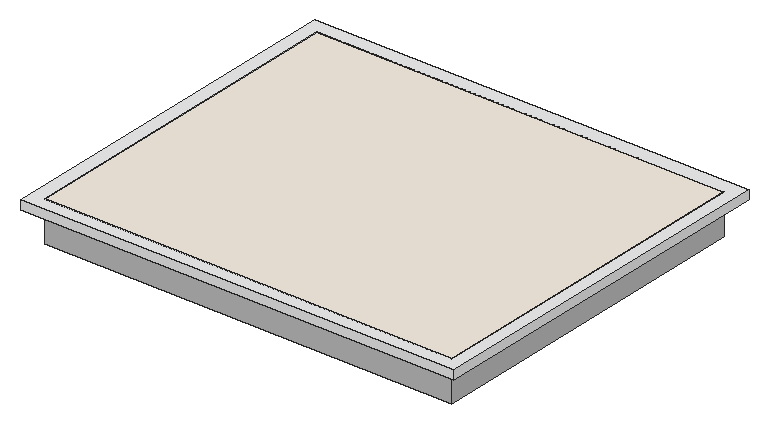
Revit family "Lighting-Industriale-GEWISS-ELIA-HL-LED_RIFLETTORE", category Apparecchi per illuminazione, host Superficie, Revit 2019 (continued)
Types (12, lengths in mm): name | Tensione | Scheda Tecnica | Potenza di sistema | Peso (kg): | Peso (kg) | Ottica | built-in parameter 1150142 | Lumen output (lm) | Modello | IDT | File diagramma fotometrico | Description
  GWF1000MH840 - ELIA HL M2 60° 4000K S.ALONE ON/OFF | "100-240 V " | "https://www.gewiss.com/it/it/search?q=GWF1000MH840" | "120W" | "3,9" | "3,9" | "60°" | "IESNA:LM-63-1995\r\n[TEST] HB25-120-4080-60D-H00111\r\n[DATE] 27 Nov 2019\r\n[MANUFAC] GEWISS\r\n[LUMCAT] GWF1000MH840\r\n[LUMINAIRE] ELIA HL - M2 60° LED840 120W\r\n[FLASHAREA] 0.013851\r\n[LAMPCAT] LED 120W/16900lm\r\n[LAMP] LED 120W/16900lm\r\nTILT=NONE\r\n1 16900.00 1.0 181 37 1 2 -0.270 0.000 0.000\r\n1.00 1.00 120.00\r\n0.00 0.50 1.00 1.50 2.00 2.50 3.00 3.50 4.00 4.50 5.00 \r\n5.50 6.00 6.50 7.00 7.50 8.00 8.50 9.00 9.50 10.00 10.50 \r\n11.00 11.50 12.00 12.50 13.00 13.50 14.00 14.50 15.00 \r\n15.50 16.00 16.50 17.00 17.50 18.00 18.50 19.00 19.50 \r\n20.00 20.50 21.00 21.50 22.00 22.50 23.00 23.50 24.00 \r\n24.50 25.00 25.50 26.00 26.50 27.00 27.50 28.00 28.50 \r\n29.00 29.50 30.00 30.50 31.00 31.50 32.00 32.50 33.00 \r\n33.50 34.00 34.50 35.00 35.50 36.00 36.50 37.00 37.50 \r\n38.00 38.50 39.00 39.50 40.00 40.50 41.00 41.50 42.00 \r\n42.50 43.00 43.50 44.00 44.50 45.00 45.50 46.00 46.50 \r\n47.00 47.50 48.00 48.50 49.00 49.50 50.00 50.50 51.00 \r\n51.50 52.00 52.50 53.00 53.50 54.00 54.50 55.00 55.50 \r\n56.00 56.50 57.00 57.50 58.00 58.50 59.00 59.50 60.00 \r\n60.50 61.00 61.50 62.00 62.50 63.00 63.50 64.00 64.50 \r\n65.00 65.50 66.00 66.50 67.00 67.50 68.00 68.50 69.00 \r\n69.50 70.00 70.50 71.00 71.50 72.00 72.50 73.00 73.50 \r\n74.00 74.50 75.00 75.50 76.00 76.50 77.00 77.50 78.00 \r\n78.50 79.00 79.50 80.00 80.50 81.00 81.50 82.00 82.50 \r\n83.00 83.50 84.00 84.50 85.00 85.50 86.00 86.50 87.00 \r\n87.50 88.00 88.50 89.00 89.50 90.00 \r\n0.00 2.50 5.00 7.50 10.00 12.50 15.00 17.50 20.00 22.50 \r\n25.00 27.50 30.00 32.50 35.00 37.50 40.00 42.50 45.00 \r\n47.50 50.00 52.50 55.00 57.50 60.00 62.50 65.00 67.50 \r\n70.00 72.50 75.00 77.50 80.00 82.50 85.00 87.50 90.00 \r\n12448.54 12448.54 12443.47 12435.02 12421.50 12404.60 \r\n12387.70 12369.11 12347.14 12323.48 12298.13 12271.09 \r\n12240.67 12208.56 12171.38 12132.51 12088.57 12042.94 \r\n11995.62 11944.92 11892.53 11838.45 11780.99 11723.53 \r\n11664.38 11603.54 11541.01 11475.10 11407.50 11336.52 \r\n11262.16 11184.42 11103.30 11022.18 10939.37 10854.87 \r\n10768.68 10680.80 10591.23 10503.35 10412.09 10317.45 \r\n10217.74 10112.96 10003.11 9888.19 9768.20 9641.45 \r\n9513.01 9382.88 9249.37 9109.10 8965.45 8820.11 8668.01 \r\n8500.70 8323.25 8135.66 7943.00 7750.34 7555.99 7359.95 \r\n7165.60 6974.63 6790.42 6612.97 6440.59 6273.28 6109.35 \r\n5948.80 5788.25 5629.39 5470.53 5311.67 5156.19 5004.09 \r\n4855.37 4706.65 4561.31 4419.35 4282.46 4148.95 4020.51 \r\n3895.45 3773.77 3648.71 3523.65 3401.97 3285.36 3172.13 \r\n3062.28 2957.50 2856.10 2758.08 2660.06 2562.04 2465.71 \r\n2374.45 2286.57 2197.00 2112.50 2033.07 1958.71 1887.73 \r\n1818.44 1754.22 1691.69 1628.65 1566.80 1509.85 1455.26 \r\n1401.18 1348.28 1295.72 1244.68 1196.52 1150.21 1105.09 \r\n1062.16 1023.29 986.11 947.75 910.57 877.28 845.51 814.24 \r\n783.65 753.23 724.33 699.32 675.15 648.62 622.43 599.11 \r\n576.97 554.83 534.04 516.80 500.41 482.66 464.24 444.64 \r\n424.70 405.09 386.84 371.29 357.60 345.10 332.93 318.56 \r\n304.03 290.51 278.00 266.51 256.03 246.91 239.64 235.42 \r\n231.70 226.46 219.02 207.53 194.69 182.35 170.01 157.63 \r\n144.65 130.32 115.21 99.57 83.67 67.36 52.15 39.73 29.27 \r\n20.42 13.37 8.39 5.11 3.23 2.85 \r\n12448.54 12448.54 12443.47 12435.02 12422.34 12405.44 \r\n12387.70 12368.26 12347.98 12324.32 12298.13 12271.09 \r\n12240.67 12206.87 12170.53 12129.97 12086.88 12042.09 \r\n11993.93 11943.23 11892.53 11837.60 11781.83 11724.37 \r\n11666.91 11606.07 11541.85 11475.94 11408.34 11337.36 \r\n11263.00 11184.42 11104.14 11023.02 10940.22 10855.72 \r\n10769.52 10681.64 10592.92 10504.19 10412.93 10318.29 \r\n10219.43 10115.49 10005.64 9889.03 9768.20 9642.29 \r\n9513.01 9382.88 9249.37 9109.94 8967.14 8821.80 8668.85 \r\n8502.39 8324.94 8138.19 7946.38 7752.03 7558.52 7363.33 \r\n7171.51 6982.23 6798.02 6619.73 6448.19 6278.35 6113.57 \r\n5952.18 5791.63 5631.08 5472.22 5313.36 5156.19 5004.09 \r\n4854.52 4708.34 4563.85 4423.57 4286.68 4153.17 4023.89 \r\n3898.83 3776.30 3651.24 3527.03 3404.50 3285.36 3171.28 \r\n3060.59 2954.96 2851.87 2752.16 2654.99 2556.13 2459.80 \r\n2368.53 2279.81 2191.09 2106.59 2028.84 1954.48 1882.66 \r\n1815.06 1749.99 1687.63 1624.43 1563.08 1506.04 1451.37 \r\n1397.63 1344.90 1292.60 1241.64 1193.06 1146.24 1101.04 \r\n1058.11 1019.15 981.72 943.70 907.02 873.48 841.70 810.44 \r\n780.02 749.85 721.12 696.20 672.03 646.00 620.40 597.33 \r\n575.36 553.14 532.27 514.52 497.79 480.30 462.30 443.37 \r\n424.11 404.92 386.76 370.87 356.51 343.83 331.41 317.38 \r\n303.27 290.17 277.75 266.17 255.78 246.74 239.39 234.91 \r\n231.11 226.12 219.11 207.53 194.52 182.44 170.10 157.84 \r\n144.91 130.55 115.44 99.88 84.14 68.15 53.18 40.67 29.96 \r\n20.87 13.63 8.55 5.22 3.29 2.86 \r\n12448.54 12448.54 12443.47 12435.02 12422.34 12406.29 \r\n12387.70 12369.11 12347.98 12324.32 12298.13 12269.40 \r\n12239.82 12205.18 12168.00 12128.28 12085.19 12039.56 \r\n11991.39 11943.23 11890.84 11837.60 11782.68 11726.06 \r\n11666.91 11606.92 11542.70 11476.79 11409.19 11337.36 \r\n11263.00 11185.26 11104.14 11023.02 10939.37 10854.87 \r\n10768.68 10682.49 10593.76 10505.04 10413.78 10319.98 \r\n10221.12 10116.34 10006.49 9889.88 9769.04 9642.29 \r\n9513.01 9382.03 9248.52 9110.79 8967.98 8822.64 8669.70 \r\n8503.23 8326.63 8139.88 7947.22 7753.72 7558.52 7365.86 \r\n7175.74 6988.15 6804.78 6627.33 6454.11 6283.42 6116.95 \r\n5953.87 5794.16 5632.77 5472.22 5313.36 5156.19 5003.24 \r\n4854.52 4707.49 4564.69 4425.27 4288.38 4156.55 4027.27 \r\n3902.21 3778.84 3652.93 3527.03 3404.50 3284.51 3169.59 \r\n3058.05 2950.74 2846.80 2747.09 2648.23 2549.36 2453.03 \r\n2361.77 2273.05 2185.17 2101.51 2022.93 1949.41 1877.59 \r\n1809.99 1744.92 1682.31 1619.61 1558.77 1501.65 1446.72 \r\n1393.15 1340.85 1288.79 1238.09 1189.08 1141.85 1096.56 \r\n1053.80 1014.59 977.07 939.30 902.97 869.50 837.56 806.47 \r\n776.05 746.13 717.74 692.65 668.56 642.96 617.86 595.22 \r\n573.33 551.36 530.41 512.15 494.92 477.59 460.10 441.77 \r\n423.26 404.50 386.42 370.19 355.32 342.31 329.89 316.11 \r\n302.51 289.50 277.24 265.75 255.36 246.40 239.13 234.57 \r\n230.60 225.78 218.94 207.45 194.43 182.44 170.27 158.01 \r\n145.14 130.76 115.63 100.14 84.53 68.84 54.09 41.46 30.55 \r\n21.26 13.85 8.70 5.33 3.34 2.87 \r\n12448.54 12448.54 12443.47 12435.86 12423.19 12406.29 \r\n12388.54 12369.11 12347.14 12323.48 12297.28 12268.56 \r\n12238.13 12203.49 12165.47 12125.75 12083.50 12037.87 \r\n11990.55 11940.69 11890.84 11837.60 11782.68 11726.06 \r\n11667.76 11606.92 11544.39 11478.48 11409.19 11338.21 \r\n11263.00 11184.42 11104.14 11022.18 10939.37 10854.87 \r\n10769.52 10681.64 10593.76 10505.88 10414.63 10320.83 \r\n10221.97 10117.18 10006.49 9889.88 9768.20 9642.29 \r\n9513.01 9381.19 9247.68 9109.94 8967.98 8822.64 8670.54 \r\n8504.08 8326.63 8140.73 7948.07 7753.72 7559.37 7367.55 \r\n7179.12 6993.22 6809.85 6632.40 6459.18 6287.64 6119.49 \r\n5955.56 5794.16 5632.77 5472.22 5311.67 5154.50 5001.55 \r\n4853.68 4707.49 4565.53 4426.95 4290.91 4158.24 4029.80 \r\n3903.90 3779.68 3652.93 3527.03 3403.66 3282.82 3167.06 \r\n3054.67 2946.51 2841.73 2740.34 2640.63 2541.76 2444.59 \r\n2353.32 2265.45 2179.25 2095.60 2017.01 1942.65 1872.52 \r\n1804.07 1739.01 1676.40 1614.12 1553.70 1496.58 1441.57 \r\n1388.17 1336.11 1284.48 1233.87 1184.61 1137.03 1091.91 \r\n1049.24 1009.77 972.09 934.74 898.74 865.20 833.25 802.16 \r\n771.99 742.25 714.02 688.93 664.85 639.75 615.24 592.77 \r\n571.14 549.25 528.29 509.70 491.96 474.72 457.57 439.91 \r\n422.08 403.74 385.91 369.43 354.14 340.79 328.20 314.68 \r\n301.41 288.74 276.65 265.25 254.94 246.15 238.97 234.32 \r\n230.18 225.36 218.69 207.19 194.18 182.27 170.28 158.15 \r\n145.32 130.92 115.78 100.36 84.87 69.43 54.87 42.13 31.02 \r\n21.58 14.04 8.83 5.42 3.39 2.87 \r\n12448.54 12448.54 12443.47 12435.02 12423.19 12407.13 \r\n12388.54 12369.11 12347.98 12323.48 12295.59 12267.71 \r\n12236.44 12201.80 12163.77 12124.06 12081.81 12036.18 \r\n11988.86 11939.85 11888.31 11836.76 11782.68 11726.91 \r\n11668.60 11608.61 11544.39 11478.48 11409.19 11338.21 \r\n11263.00 11184.42 11103.30 11021.33 10939.37 10854.87 \r\n10769.52 10681.64 10593.76 10505.88 10414.63 10320.83 \r\n10222.81 10118.03 10006.49 9889.88 9768.20 9641.45 \r\n9511.32 9381.19 9247.68 9109.94 8968.83 8822.64 8669.70 \r\n8504.08 8327.47 8140.73 7948.91 7753.72 7559.37 7369.24 \r\n7182.50 6997.44 6815.77 6638.32 6462.56 6290.18 6121.18 \r\n5957.25 5794.16 5632.77 5471.37 5309.98 5151.97 4999.86 \r\n4851.99 4706.65 4565.53 4426.95 4292.60 4159.93 4030.65 \r\n3904.74 3779.68 3652.93 3526.18 3401.97 3281.13 3164.52 \r\n3050.45 2941.45 2835.82 2733.57 2633.02 2534.15 2436.98 \r\n2345.72 2258.68 2172.49 2089.68 2011.10 1937.59 1865.76 \r\n1798.16 1733.09 1670.06 1608.20 1548.29 1491.09 1435.91 \r\n1382.76 1330.96 1279.67 1229.31 1179.70 1132.05 1087.09 \r\n1044.50 1004.79 967.02 930.01 894.35 860.97 828.86 797.85 \r\n767.77 738.28 710.22 685.13 661.04 636.37 612.29 590.15 \r\n568.77 547.05 526.01 507.08 489.09 471.76 454.78 437.79 \r\n420.64 402.81 385.32 368.50 352.87 339.27 326.42 313.24 \r\n300.31 287.81 275.89 264.65 254.43 245.98 238.88 234.06 \r\n229.76 225.02 218.43 206.94 193.93 182.18 170.32 158.24 \r\n145.44 131.03 115.88 100.51 85.13 69.91 55.52 42.68 31.40 \r\n21.83 14.19 8.94 5.50 3.43 2.87 \r\n12448.54 12448.54 12443.47 12435.02 12423.19 12407.13 \r\n12389.39 12369.11 12347.14 12322.63 12295.59 12266.02 \r\n12234.75 12199.26 12161.24 12121.52 12079.27 12034.49 \r\n11988.01 11938.16 11888.31 11835.91 11782.68 11726.91 \r\n11669.45 11609.45 11545.23 11479.32 11410.03 11337.36 \r\n11262.16 11184.42 11103.30 11021.33 10937.68 10854.02 \r\n10768.68 10682.49 10593.76 10505.88 10414.63 10320.83 \r\n10223.66 10118.88 10006.49 9889.88 9767.35 9641.45 \r\n9511.32 9380.34 9246.83 9109.94 8968.83 8823.49 8669.70 \r\n8503.23 8326.63 8140.73 7948.07 7754.56 7560.22 7371.78 \r\n7185.03 7000.82 6819.99 6642.55 6466.78 6292.72 6122.02 \r\n5956.40 5793.32 5630.23 5468.84 5308.29 5149.43 4998.17 \r\n4850.30 4705.80 4564.69 4427.80 4292.60 4160.78 4031.49 \r\n3904.74 3778.84 3651.24 3525.34 3400.28 3278.60 3160.30 \r\n3046.22 2936.37 2830.75 2726.81 2626.26 2525.70 2430.22 \r\n2338.11 2251.92 2165.74 2082.92 2005.18 1931.67 1859.84 \r\n1791.40 1727.18 1663.47 1602.04 1542.55 1485.26 1429.91 \r\n1377.01 1325.55 1274.43 1224.32 1174.72 1126.81 1082.02 \r\n1039.77 999.89 961.95 925.19 889.95 856.49 824.38 793.45 \r\n763.54 734.22 706.42 681.15 657.07 632.74 609.24 587.36 \r\n566.15 544.69 523.82 504.46 486.13 468.72 451.91 435.43 \r\n418.95 401.71 384.56 367.57 351.60 337.75 324.82 311.80 \r\n299.21 286.96 275.22 263.98 253.92 245.64 238.88 233.81 \r\n229.25 224.52 218.01 206.52 193.59 181.93 170.27 158.28 \r\n145.52 131.09 115.94 100.62 85.33 70.29 56.04 43.11 31.68 \r\n22.02 14.32 9.03 5.57 3.47 2.87 \r\n12448.54 12448.54 12443.47 12435.02 12423.19 12407.98 \r\n12389.39 12369.11 12346.29 12321.79 12294.75 12265.17 \r\n12233.06 12197.57 12159.55 12119.83 12076.74 12032.80 \r\n11986.32 11937.31 11887.46 11835.91 11782.68 11727.75 \r\n11670.29 11609.45 11546.08 11480.17 11410.03 11338.21 \r\n11263.00 11184.42 11104.14 11021.33 10937.68 10854.02 \r\n10768.68 10682.49 10594.61 10506.73 10415.47 10321.67 \r\n10224.50 10118.88 10007.33 9889.88 9767.35 9640.60 \r\n9511.32 9379.50 9245.99 9110.79 8968.83 8823.49 8669.70 \r\n8502.39 8326.63 8140.73 7948.07 7754.56 7561.06 7372.62 \r\n7187.57 7005.05 6824.22 6645.92 6469.32 6294.40 6122.87 \r\n5955.56 5792.47 5629.39 5467.15 5306.60 5147.74 4995.64 \r\n4848.61 4704.96 4564.69 4426.95 4292.60 4160.78 4031.49 \r\n3903.90 3777.99 3649.55 3522.80 3397.74 3275.22 3156.07 \r\n3041.15 2931.30 2824.84 2720.05 2618.65 2518.95 2421.77 \r\n2330.51 2243.47 2158.13 2077.01 1999.27 1924.91 1853.93 \r\n1785.48 1719.57 1656.88 1595.78 1536.72 1479.26 1423.82 \r\n1371.10 1319.89 1269.11 1219.17 1169.56 1121.65 1077.12 \r\n1035.04 995.07 956.96 920.54 885.64 852.18 820.07 789.15 \r\n759.40 730.33 702.70 677.35 653.18 629.19 606.12 584.57 \r\n563.62 542.32 521.53 501.93 483.26 465.68 449.03 432.98 \r\n417.09 400.45 383.71 366.65 350.42 336.23 323.13 310.28 \r\n297.95 285.86 274.37 263.30 253.33 245.47 238.88 233.64 \r\n228.91 224.09 217.50 206.01 193.08 181.67 170.12 158.24 \r\n145.50 131.08 115.94 100.66 85.45 70.57 56.45 43.44 31.86 \r\n22.15 14.41 9.11 5.63 3.50 2.87 \r\n12448.54 12448.54 12443.47 12435.02 12423.19 12407.98 \r\n12388.54 12369.11 12346.29 12320.94 12293.90 12263.48 \r\n12231.37 12195.04 12157.01 12117.30 12075.89 12031.11 \r\n11984.63 11936.47 11886.61 11835.07 11782.68 11728.60 \r\n11670.29 11610.30 11547.77 11480.17 11410.03 11338.21 \r\n11263.00 11184.42 11104.14 11020.49 10936.83 10853.18 \r\n10768.68 10683.33 10595.45 10506.73 10416.31 10322.52 \r\n10224.50 10119.72 10006.49 9889.03 9767.35 9640.60 \r\n9510.47 9379.50 9245.99 9110.79 8970.52 8823.49 8669.70 \r\n8502.39 8326.63 8140.73 7948.91 7755.41 7562.75 7375.16 \r\n7190.10 7008.43 6827.60 6648.46 6471.85 6296.09 6122.87 \r\n5955.56 5791.63 5627.70 5464.61 5304.06 5146.05 4993.95 \r\n4846.92 4703.27 4563.00 4426.11 4291.75 4159.93 4030.65 \r\n3902.21 3775.46 3647.02 3519.42 3393.52 3271.84 3151.85 \r\n3036.09 2926.23 2818.92 2714.14 2611.89 2511.34 2414.16 \r\n2323.75 2236.71 2152.21 2070.25 1993.35 1918.15 1848.01 \r\n1779.57 1713.66 1650.28 1589.53 1530.80 1473.17 1417.57 \r\n1365.10 1314.23 1263.78 1214.01 1164.49 1116.58 1072.31 \r\n1030.56 990.42 952.15 915.98 881.42 847.96 815.85 785.09 \r\n755.35 726.53 698.90 673.46 649.30 625.72 603.08 581.78 \r\n561.00 540.04 519.34 499.48 480.55 462.89 446.08 430.53 \r\n415.15 399.18 382.70 365.63 349.15 334.79 321.52 308.85 \r\n296.76 284.85 273.53 262.54 252.74 245.22 238.88 233.56 \r\n228.49 223.50 216.83 205.50 192.66 181.34 170.03 158.12 \r\n145.40 131.01 115.90 100.66 85.49 70.77 56.75 43.66 31.97 \r\n22.22 14.48 9.17 5.68 3.53 2.87 \r\n12448.54 12448.54 12442.62 12435.02 12423.19 12407.13 \r\n12389.39 12368.26 12345.45 12320.10 12293.06 12262.64 \r\n12230.53 12193.35 12154.48 12115.61 12074.20 12029.42 \r\n11982.94 11935.62 11885.77 11835.07 11783.52 11728.60 \r\n11671.14 11611.14 11547.77 11480.17 11410.88 11338.21 \r\n11263.00 11185.26 11104.14 11021.33 10937.68 10853.18 \r\n10769.52 10683.33 10596.30 10507.57 10416.31 10323.36 \r\n10226.19 10120.56 10008.18 9890.72 9768.20 9641.45 \r\n9512.16 9381.19 9246.83 9111.63 8971.36 8825.18 8670.54 \r\n8503.23 8326.63 8140.73 7949.76 7757.10 7564.44 7377.69 \r\n7193.48 7010.97 6830.98 6651.84 6473.55 6296.94 6122.87 \r\n5955.56 5790.78 5626.01 5463.77 5301.53 5144.36 4992.26 \r\n4845.23 4701.58 4563.00 4425.27 4290.91 4158.24 4029.80 \r\n3900.52 3772.92 3643.64 3516.05 3390.98 3267.61 3147.62 \r\n3031.01 2920.32 2813.00 2708.22 2604.29 2504.58 2408.25 \r\n2316.14 2229.95 2146.30 2064.34 1987.44 1913.08 1842.10 \r\n1774.50 1707.74 1644.03 1583.53 1525.06 1467.34 1411.66 \r\n1359.27 1308.57 1258.37 1208.94 1159.51 1111.77 1067.74 \r\n1026.25 986.03 947.58 911.75 877.45 843.99 811.88 781.12 \r\n751.63 722.90 695.52 669.92 645.66 622.43 600.12 578.99 \r\n558.46 537.76 517.22 497.20 478.02 460.10 443.37 428.16 \r\n413.20 397.74 381.86 364.70 347.97 333.52 320.09 307.50 \r\n295.58 283.84 272.68 261.87 252.15 244.97 238.97 233.47 \r\n228.07 222.91 216.15 204.74 192.07 181.00 169.76 157.94 \r\n145.20 130.85 115.78 100.57 85.47 70.86 56.94 43.77 31.99 \r\n22.25 14.52 9.21 5.72 3.55 2.87 \r\n12448.54 12447.69 12442.62 12435.02 12423.19 12407.13 \r\n12389.39 12368.26 12346.29 12320.10 12292.22 12261.79 \r\n12227.99 12192.50 12153.63 12114.76 12072.51 12028.57 \r\n11982.94 11934.78 11884.92 11835.07 11783.52 11728.60 \r\n11671.98 11611.99 11547.77 11481.01 11410.88 11338.21 \r\n11263.00 11185.26 11104.99 11022.18 10937.68 10854.02 \r\n10769.52 10685.02 10597.14 10509.26 10418.00 10325.06 \r\n10227.03 10121.41 10009.02 9891.57 9769.04 9642.29 \r\n9513.01 9382.03 9249.37 9113.32 8973.90 8826.87 8671.39 \r\n8504.08 8327.47 8142.42 7951.45 7758.79 7567.82 7381.07 \r\n7196.86 7014.34 6834.36 6655.22 6476.08 6297.78 6123.72 \r\n5955.56 5789.94 5624.32 5461.23 5300.68 5143.52 4991.41 \r\n4844.38 4701.58 4561.31 4424.42 4289.22 4157.40 4027.27 \r\n3898.83 3769.55 3641.10 3512.66 3387.60 3263.39 3143.40 \r\n3025.95 2915.25 2807.93 2702.31 2599.2
